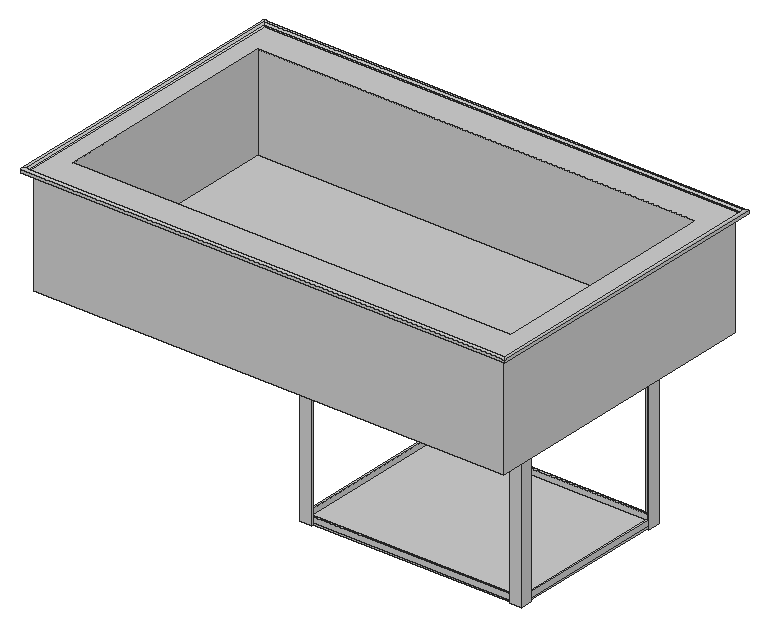
Revit family "QF_VOLLRATH_FC-4CP-03120-R", category Specialty Equipment, Revit 2016
Family settings
  Part Type = Normal
  Round Connector Dimension = Use Diameter
  OmniClass Number = 23.40.40.14.24.14
  OmniClass Title = Service Line Equipment
  Work Plane-Based = Yes
  Always vertical = Yes
  Cut with Voids When Loaded = Yes
  Shared = No
  Room Calculation Point = No
Parameters (values of type "FC-4CP-03120-R")
  Weight in Pounds = 120
  Watts = 384 W
  Waste Water Discharge Temperature [instance] = 0 °F
  Waste Remarks = ""
  Volts = 120 V
  URL Cutsheet = "www.vollrathfoodservice.com/downloads/211939/SPCDrop-InStandardRefrigL36186FC-4CP-pdf"
  URL = "www.vollrathfoodservice.com"
  Status [instance] = ""
  Specification by User [instance] = ""
  Specification by Manufacturer = ""
  Serial Number = ""
  Seismic Rating = ""
  SMACNA No = ""
  Revision Code [instance] = ""
  Plumbing Remarks [instance] = ""
  Plumbing Connection Type [instance] = ""
  Phase = 1
  Number of Poles = 1
  NAFEM Spec ID Number = ""
  Model = "FC-4CP-03120-R"
  Min Ckt Ampacity = 0 A
  Max Overcurrent Protection = 10 A
  Masterspec = ""
  Manufacturer = "VOLLRATH US"
  Item Number [instance] = ""
  Installed By [instance] = ""
  Identify Quantity as Lot [instance] = no
  HP = "0.5"
  Furnished By [instance] = ""
  Foodservice Equipment Identifier [instance] = yes
  FL Amps = 3.2 A
  Electrical Remarks [instance] = ""
  Electric Connection Type [instance] = "Plug&Receptacle"
  Elec Conn RI Height [instance] = 0"
  Elec Conn Connection Height [instance] = 0"
  Direct Waste Size = 1"
  Direct Waste RI Height = 0"
  Direct Waste Flow = 0 GPM
  Direct Waste Connection Height = 0"
  Description = "THREE-WELL 120-VOLT STANDARD REFRIGERATED MODULAR DROP-IN COLD WELL"
  Default Elevation = 0"
  Cycle = 60 Hz
  Conn Plug = "NEMA 5-15P"
  Conn Conduit [instance] = no
  CSI MasterFormat = ""
  Author = ""
  Assembly Code = "E1090320"
  Apparent Power = 384 VA
Reference planes (in)
  plane 1 "Back": y = 0
  plane 2: z = 0
  plane 3 "Left": x = 0
  plane 4 "Front": y = -26
  plane 5 "Top": z = 0
  plane 6 "Right": x = 41.5
Forms (in)
  Extrusion 1, void
    sketch origin (0, 0, 0) x (1, 0, 0) y (0, 1, 0)
      loop
        line (41.125, -0.375) -> (0.375, -0.375) -> (0.375, -25.625) -> (41.125, -25.625) -> (41.125, -0.375)
    from 3.27425 to -22.375
  Extrusion 2, solid
    sketch origin (0, 0, 0) x (1, 0, 0) y (0, 1, 0)
      loop
        line (0.625, -0.625) -> (0.625, -25.375) -> (40.875, -25.375) -> (40.875, -0.625) -> (0.625, -0.625)
      loop
        line (2, -3.0625) -> (2, -22.9375) -> (39.5, -22.9375) -> (39.5, -3.0625) -> (2, -3.0625)
    from 0 to 0.14643
  Extrusion 3, solid
    sketch origin (0, 0, 0) x (1, 0, 0) y (0, 1, 0)
      loop
        line (0.625, -0.625) -> (0.625, -25.375) -> (40.875, -25.375) -> (40.875, -0.625) -> (0.625, -0.625)
      loop
        line (39.5, -22.9375) -> (39.5, -3.0625) -> (2, -3.0625) -> (2, -22.9375) -> (39.5, -22.9375)
    from -9.067 to 0
  Sweep 4, solid
    path origin (0, 0, 0) x (1, 0, 0) y (0, 1, 0)
      loop
        line (0.34375, -0.34375) -> (0.34375, -25.65625) -> (41.15625, -25.65625) -> (41.15625, -0.34375) -> (0.34375, -0.34375)
    profile origin (20.75, -0.34375, 0) x (0, 1, 0) y (0, 0, 1)
      loop
        line (0.34375, 0) -> (0.34375, 0.24548)
        arc (0.34375, 0.24548) -> (0.25632, 0.36797) -> (0.11207, 0.3251) r 0.12952
        line (0.11207, 0.3251) -> (0.00446, 0.18703)
        arc (0.00446, 0.18703) -> (-0.03241, 0.15713) -> (-0.07866, 0.14643) r 0.10539
        line (-0.07866, 0.14643) -> (-0.28125, 0.14643) -> (-0.28125, 0) -> (0.34375, 0)
  Extrusion 5, solid
    sketch origin (0, 0, 2.308) x (1, 0, 0) y (0, 1, 0)
      loop
        line (39.5, -3.0625) -> (2, -3.0625) -> (2, -22.9375) -> (39.5, -22.9375) -> (39.5, -3.0625)
      loop
        circle (36.36487, -4.45535) r 0.75
    from -11.375 to -10.305
  Extrusion 6, solid
    sketch origin (21.45684, -178.4845, -22.25) x (-1, 0, 0) y (0, -1, 0)
      loop
        line (1.953, -172.7345) -> (1.078, -172.7345) -> (1.078, -172.8595) -> (2.078, -172.8595) -> (2.078, -171.8595) -> (1.953, -171.8595) -> (1.953, -172.7345)
      loop
        line (-16.7345, -172.7345) -> (-16.7345, -171.8595) -> (-16.8595, -171.8595) -> (-16.8595, -172.8595) -> (-15.8595, -172.8595) -> (-15.8595, -172.7345) -> (-16.7345, -172.7345)
      loop
        line (1.953, -158.3285) -> (1.953, -159.2035) -> (2.078, -159.2035) -> (2.078, -158.2035) -> (1.078, -158.2035) -> (1.078, -158.3285) -> (1.953, -158.3285)
      loop
        line (-16.7345, -158.3285) -> (-15.8595, -158.3285) -> (-15.8595, -158.2035) -> (-16.8595, -158.2035) -> (-16.8595, -159.2035) -> (-16.7345, -159.2035) -> (-16.7345, -158.3285)
    from -0.125 to 13.183
  Extrusion 7, solid
    sketch origin (21.45684, -178.4845, -22.375) x (-1, 0, 0) y (0, -1, 0)
      loop
        line (1.953, -172.7345) -> (1.953, -158.3285) -> (-16.7345, -158.3285) -> (-16.7345, -172.7345) -> (1.953, -172.7345)
    from 0 to 0.125
  Extrusion 8, solid
    sketch origin (23.78434, -20.156, -22.25) x (1, 0, 0) y (0, 0, -1)
      loop
        line (-4.2805, -13.183) -> (14.407, -13.183) -> (14.407, -12.183) -> (-4.2805, -12.183) -> (-4.2805, -13.183)
    from 0 to 0.125
  Extrusion 9, solid
    sketch origin (23.78434, -5.75, -22.25) x (1, 0, 0) y (0, 0, 1)
      loop
        line (-4.2805, 13.183) -> (-4.2805, 12.183) -> (14.407, 12.183) -> (14.407, 13.183) -> (-4.2805, 13.183)
    from 0 to 0.125
  Extrusion 10, solid
    sketch origin (19.50384, -19.281, -22.25) x (0, -1, 0) y (0, 0, -1)
      loop
        line (0, -13.183) -> (0, -12.183) -> (-1.125, -12.183) -> (-1.125, -13.183) -> (0, -13.183)
      loop
        line (-12.656, -13.183) -> (-11.531, -13.183) -> (-11.531, -12.183) -> (-12.656, -12.183) -> (-12.656, -13.183)
    from 0 to -0.125
  Extrusion 11, solid
    sketch origin (38.19134, -19.281, -22.25) x (0, -1, 0) y (0, 0, 1)
      loop
        line (0, 13.183) -> (-1.125, 13.183) -> (-1.125, 12.183) -> (0, 12.183) -> (0, 13.183)
      loop
        line (-12.656, 13.183) -> (-12.656, 12.183) -> (-11.531, 12.183) -> (-11.531, 13.183) -> (-12.656, 13.183)
    from 0 to -0.125
  Extrusion 12, solid
    sketch origin (29.70553, 8.54465, -0.375) x (1, 0, 0) y (0, 1, 0)
      loop
        circle (6.65934, -13) r 0.5
      loop
        circle (6.65934, -13) r 0.75
    from -8.692 to -7.622
  Extrusion 13, solid
    sketch origin (14.34759, 0, -0.375) x (1, 0, 0) y (0, 1, 0)
      loop
        circle (14.5, -13) r 0.25
    from -8.692 to -8.89849
  Extrusion 14, solid
    sketch origin (15.5, 0, -0.375) x (1, 0, 0) y (0, 1, 0)
      loop
        line (4.00384, -20.156) -> (22.69134, -20.156) -> (22.69134, -5.75) -> (4.00384, -5.75) -> (4.00384, -20.156)
      loop
        line (22.56634, -5.875) -> (4.12884, -5.875) -> (4.12884, -20.031) -> (22.56634, -20.031) -> (22.56634, -5.875)
    from -21.875 to -21.375
Cuts and joins
  joined: Extrusion 2, Extrusion 3, Sweep 4, Extrusion 5
Lines and regions (in)
  symbolic lines, style "200-EquipBorder-2D"
    curve 1: line (41.5, 0, 0) -> (0, 0, 0)
    curve 2: line (41.5, -26, 0) -> (41.5, 0, 0)
    curve 3: line (0, 0, 0) -> (0, -26, 0)
    curve 8: line (0, -26, 0) -> (41.5, -26, 0)
  symbolic lines, style "200-EquipInternal-2D"
    curve 4: line (39.5, -3.0625, 0) -> (2, -3.0625, 0)
    curve 5: line (39.5, -22.9375, 0) -> (39.5, -3.0625, 0)
    curve 6: line (2, -22.9375, 0) -> (39.5, -22.9375, 0)
    curve 7: line (2, -3.0625, 0) -> (2, -22.9375, 0)
    curve 9: arc (35.86487, -4.45535, 0) -> (36.36487, -3.95535, 0) -> (36.86487, -4.45535, 0) r 0.5
    curve 10: arc (36.86487, -4.45535, 0) -> (36.36487, -4.95535, 0) -> (35.86487, -4.45535, 0) r 0.5
    curve 11: arc (35.61487, -4.45535, 0) -> (36.36487, -3.70535, 0) -> (37.11487, -4.45535, 0) r 0.75
    curve 12: arc (37.11487, -4.45535, 0) -> (36.36487, -5.20535, 0) -> (35.61487, -4.45535, 0) r 0.75
Dimensions and locks (in)
  plane 3 "Left" to plane 6 "Right" = 41 1/2"
  plane 4 "Front" to plane 1 "Back" = 26"
  Extrusion 7 sketch curve to Extrusion 7 sketch curve = 18 11/16"
  aligned and locked: level to plane 2
Connectors (in)
  electrical at (28.84759, -13, -9.27349), driven by "Number of Poles", driven by "Volts", driven by "Apparent Power"
    settings: on Extrusion 13, index 4, voltage 120 V, apparent load 0 VA, apparent load phase1 384 VA, apparent load phase2 0 VA, apparent load phase3 0 VA, power factor 1, load classification "Other", number of poles 1, system type 31, power factor state 1, is connector primary yes, connector utility no, sub classification motor no, connector description "Electrical connection"
  piping at (36.36487, -4.45535, -9.067), diameter 1, driven by "Direct Waste Flow", driven by "Direct Waste Size"
    settings: on Extrusion 5, index 5, connector inside diameter 24", connector length 0", flow factor 0, pipe flow 0 GPM, pressure drop 0.00 psi, fitting loss kfactor 0, connector angle 0.00°, fixture units 0, engagement length 0", angle of deflection 0.00°, flow configuration 1, flow direction 2, fitting loss method 0, system type 16, joint type 0, gender type 0, connector reference index -1, connector utility 0, adjustable connector no, is connector primary yes, connector description "Drain"
